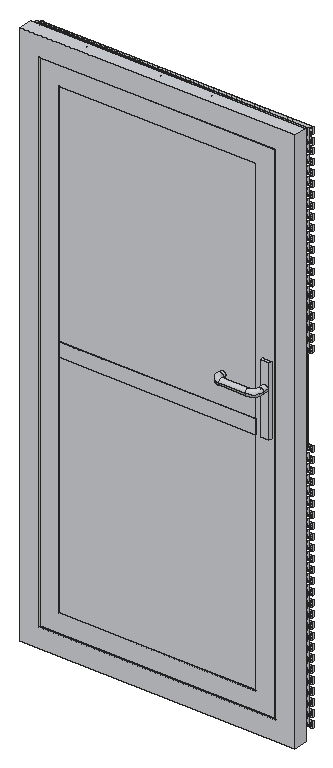
Revit family "NLRS_31_DO_WB_HF40-25 enkele deur-AV_jazo_jazo", category Doors, host Wall, Revit 2020 (continued)
Definition of nested family "NLRS_31_GM_UN_HF40-45 start schoep-AV"
  Forms (mm)
    Extrusion 1, solid, material <- "NLRS_C_materiaal", visible <- "NLRS_C_zichtbaar_01"
      sketch origin (0, -15, 0) x (0, -1, 0) y (0, 0, -1)
        loop
          line (-28.6, -40.249) -> (-28.6, -56.566)
      from -1246 to 1246
  Dimensions and locks
    equal spacing: plane 5 "Left", plane 3 "Center (Left/Right)", plane 6 "Right"
    "NLRS_C_breedte": plane 5 "Left" to plane 6 "Right"
    "NLRS_C_stelruimte_01": plane 5 "Left" to plane 7 "schoep l"
    "NLRS_C_stelruimte_01": plane 8 "schoep r" to plane 6 "Right"
    locked: plane 9 "onderkant schoep" to plane 11 "voorkant kozijn" at 11
    aligned and locked: level to plane 2 "Bottom"
    aligned and locked: plane 8 "schoep r" to Extrusion 1
    aligned and locked: Extrusion 1 to plane 7 "schoep l"
  Automatic sketch dimensions
    Extrusion 1 sketch curve to plane 1 "Center (Front/Back)" = 15 mm  (x2)
    Extrusion 1 sketch curve to Extrusion 1 sketch curve = 0.741 mm  (x4)
    level to Extrusion 1 sketch curve = 2.209 mm
    Extrusion 1 sketch curve to plane 4 "Top" = 7.841 mm
    Extrusion 1 sketch curve to Extrusion 1 sketch curve = 1 mm  (x5)
    Extrusion 1 sketch curve to Extrusion 1 sketch curve = 0.259 mm  (x11)
    Extrusion 1 sketch curve to Extrusion 1 sketch curve = 0.4 mm
    Extrusion 1 sketch curve to Extrusion 1 sketch curve = 0.8 mm  (x2)
    Extrusion 1 sketch curve to plane 4 "Top" = 8.915 mm
    Extrusion 1 sketch curve to Extrusion 1 sketch curve = 1.141 mm  (x2)
    Extrusion 1 sketch curve to Extrusion 1 sketch curve = 2 mm
    Extrusion 1 sketch curve to Extrusion 1 sketch curve = 5.903 mm
    level to Extrusion 1 sketch curve = 0.031 mm
    Extrusion 1 sketch curve to plane 1 "Center (Front/Back)" = 6.129 mm
    Extrusion 1 sketch curve to Extrusion 1 sketch curve = 0.99 mm
    Extrusion 1 sketch curve to Extrusion 1 sketch curve = 0.233 mm  (x2)
    Extrusion 1 sketch curve to Extrusion 1 sketch curve = 0.966 mm  (x2)
    level to Extrusion 1 sketch curve = 1.769 mm
    Extrusion 1 sketch curve to plane 1 "Center (Front/Back)" = 2.954 mm
    Extrusion 1 sketch curve to Extrusion 1 sketch curve = 0.707 mm  (x2)
    Extrusion 1 sketch curve to Extrusion 1 sketch curve = 0.177 mm  (x2)
    Extrusion 1 sketch curve to Extrusion 1 sketch curve = 0.884 mm  (x2)
    Extrusion 1 sketch curve to plane 1 "Center (Front/Back)" = 0.845 mm
    plane 1 "Center (Front/Back)" to Extrusion 1 sketch curve = 6.941 mm
    plane 1 "Center (Front/Back)" to Extrusion 1 sketch curve = 7.341 mm
    Extrusion 1 sketch curve to Extrusion 1 sketch curve = 0.659 mm
    plane 1 "Center (Front/Back)" to Extrusion 1 sketch curve = 8.195 mm
    Extrusion 1 sketch curve to plane 4 "Top" = 1.716 mm
    Extrusion 1 sketch curve to Extrusion 1 sketch curve = 1.259 mm
    Extrusion 1 sketch curve to Extrusion 1 sketch curve = 0.902 mm
    Extrusion 1 sketch curve to Extrusion 1 sketch curve = 0.7 mm
    Extrusion 1 sketch curve to Extrusion 1 sketch curve = 0 mm
    Extrusion 1 sketch curve to Extrusion 1 sketch curve = 3.2 mm  (x2)
    Extrusion 1 sketch curve to Extrusion 1 sketch curve = 1.8 mm  (x2)
    Extrusion 1 sketch curve to plane 4 "Top" = 0.7 mm
    Extrusion 1 sketch curve to Extrusion 1 sketch curve = 1.787 mm
    Extrusion 1 sketch curve to Extrusion 1 sketch curve = 8.824 mm
    Extrusion 1 sketch curve to Extrusion 1 sketch curve = 1.695 mm
    Extrusion 1 sketch curve to Extrusion 1 sketch curve = 1.012 mm
    Extrusion 1 sketch curve to Extrusion 1 sketch curve = 8.525 mm
    Extrusion 1 sketch curve to Extrusion 1 sketch curve = 10.255 mm
    Extrusion 1 sketch curve to Extrusion 1 sketch curve = 0.108 mm
    Extrusion 1 sketch curve to Extrusion 1 sketch curve = 1.582 mm
    Extrusion 1 sketch curve to Extrusion 1 sketch curve = 1.456 mm
    Extrusion 1 sketch curve to Extrusion 1 sketch curve = 5.649 mm
    Extrusion 1 sketch curve to Extrusion 1 sketch curve = 1.865 mm
    Extrusion 1 sketch curve to Extrusion 1 sketch curve = 0.553 mm
    Extrusion 1 sketch curve to Extrusion 1 sketch curve = 0.79 mm
    Extrusion 1 sketch curve to Extrusion 1 sketch curve = 15.603 mm
    Extrusion 1 sketch curve to Extrusion 1 sketch curve = 0.614 mm  (x2)
    Extrusion 1 sketch curve to Extrusion 1 sketch curve = 7.719 mm
    Extrusion 1 sketch curve to Extrusion 1 sketch curve = 0.9 mm
Definition of nested family "NLRS_31_GM_UN_HF40-45 schoep-AV"
  Parameters (values of type "HF40-45 schoep")
    URL = "www.jazo.com"
    NLRS_C_zichtbaar_01 = yes
    NLRS_C_stelruimte_01 = 4 mm  # constant formula
    NLRS_C_materiaal = none
    NLRS_C_breedte [instance] = 2500 mm
    Model = ""
    Manufacturer = "JAZO Zevenaar bv"
    Description = "HF40-45 schoep"
    Default Elevation = 0 mm
    Assembly Code = "23.30.60.11.17.11"
  Reference planes
    plane 1 "Center (Front/Back)": y = 0
    plane 2 "Bottom": z = 0
    plane 3 "Center (Left/Right)": x = 0
    plane 4 "Top": z = 43.347
    plane 5 "Left": x = -1250
    plane 6 "Right": x = 1250
    plane 7 "schoep l": x = -1246
    plane 8 "schoep r": x = 1246
    plane 9 "achterkant schoep": y = -15
    plane 10 "voorkant schoep": y = 15
    plane 11 "voorkant kozijn": y = -26
  Forms (mm)
    Extrusion 1, solid, material <- "NLRS_C_materiaal", visible <- "NLRS_C_zichtbaar_01"
      sketch origin (0, -15, 0) x (0, -1, 0) y (0, 0, -1)
        loop
          line (-5, -37.344) -> (0, -37.344) -> (0, -32.344) -> (-1.8, -32.344) -> (-1.8, -35.544) -> (-5, -35.544) -> (-5, -24.041)
          arc (-5, -24.041) -> (-5.9, -23.344) -> (-6.8, -24.041) r 0.93
          line (-6.8, -24.041) -> (-6.8, -24.831) -> (-28.2, -19.097) -> (-28.2, -11.378) -> (-26.2, -11.378)
          arc (-26.2, -11.378) -> (-25.3, -10.478) -> (-26.2, -9.578) r 0.9
          line (-26.2, -9.578) -> (-28.2, -9.578) -> (-28.2, -1.794)
          arc (-28.2, -1.794) -> (-27.199, -0.834) -> (-28.329, -0.031) r 0.9
          line (-28.329, -0.031) -> (-29.259, -0.28)
          arc (-29.259, -0.28) -> (-29.793, -0.637) -> (-30, -1.246) r 1
          line (-30, -1.246) -> (-30, -19.711)
          arc (-30, -19.711) -> (-29.793, -20.32) -> (-29.259, -20.677) r 1
          line (-29.259, -20.677) -> (-6.8, -26.695) -> (-6.8, -41.305) -> (-8.171, -40.937)
          arc (-8.171, -40.937) -> (-9.273, -41.574) -> (-8.637, -42.676) r 0.9
          line (-8.637, -42.676) -> (-6.259, -43.313)
          arc (-6.259, -43.313) -> (-5.391, -43.141) -> (-5, -42.347) r 1
          line (-5, -42.347) -> (-5, -37.344)
      from -1246 to 1246
  Dimensions and locks
    equal spacing: plane 5 "Left", plane 3 "Center (Left/Right)", plane 6 "Right"
    "NLRS_C_breedte": plane 5 "Left" to plane 6 "Right"
    "NLRS_C_stelruimte_01": plane 5 "Left" to plane 7 "schoep l"
    "NLRS_C_stelruimte_01": plane 8 "schoep r" to plane 6 "Right"
    locked: plane 9 "achterkant schoep" to plane 11 "voorkant kozijn" at 11
    aligned and locked: level to plane 2 "Bottom"
    aligned and locked: plane 8 "schoep r" to Extrusion 1
    aligned and locked: Extrusion 1 to plane 7 "schoep l"
  Automatic sketch dimensions
    plane 11 "voorkant kozijn" to Extrusion 1 sketch curve = 41 mm
    level to Extrusion 1 sketch curve = 0.28 mm
    Extrusion 1 sketch curve to Extrusion 1 sketch curve = 0.741 mm  (x2)
    Extrusion 1 sketch curve to Extrusion 1 sketch curve = 0.259 mm  (x2)
    Extrusion 1 sketch curve to Extrusion 1 sketch curve = 1 mm  (x2)
    level to Extrusion 1 sketch curve = 0.031 mm
    Extrusion 1 sketch curve to Extrusion 1 sketch curve = 0.929 mm
    Extrusion 1 sketch curve to Extrusion 1 sketch curve = 0.8 mm
    Extrusion 1 sketch curve to Extrusion 1 sketch curve = 0 mm  (x2)
    Extrusion 1 sketch curve to Extrusion 1 sketch curve = 0.104 mm
    Extrusion 1 sketch curve to Extrusion 1 sketch curve = 2 mm
    Extrusion 1 sketch curve to plane 4 "Top" = 0.671 mm
    plane 11 "voorkant kozijn" to Extrusion 1 sketch curve = 19.637 mm
    Extrusion 1 sketch curve to Extrusion 1 sketch curve = 0.233 mm  (x2)
    Extrusion 1 sketch curve to plane 4 "Top" = 2.41 mm
    Extrusion 1 sketch curve to Extrusion 1 sketch curve = 1.371 mm
    Extrusion 1 sketch curve to plane 4 "Top" = 0.034 mm
    Extrusion 1 sketch curve to Extrusion 1 sketch curve = 0.541 mm
    Extrusion 1 sketch curve to Extrusion 1 sketch curve = 0.9 mm  (x3)
    Extrusion 1 sketch curve to Extrusion 1 sketch curve = 3.2 mm  (x2)
    Extrusion 1 sketch curve to Extrusion 1 sketch curve = 1.8 mm  (x2)
    Extrusion 1 sketch curve to Extrusion 1 sketch curve = 1.043 mm
    Extrusion 1 sketch curve to Extrusion 1 sketch curve = 5.004 mm
    Extrusion 1 sketch curve to Extrusion 1 sketch curve = 5.649 mm
    Extrusion 1 sketch curve to Extrusion 1 sketch curve = 1.863 mm
    Extrusion 1 sketch curve to Extrusion 1 sketch curve = 0.557 mm
    Extrusion 1 sketch curve to Extrusion 1 sketch curve = 0.79 mm
    Extrusion 1 sketch curve to Extrusion 1 sketch curve = 19.431 mm
    Extrusion 1 sketch curve to Extrusion 1 sketch curve = 0.614 mm
    Extrusion 1 sketch curve to Extrusion 1 sketch curve = 7.719 mm
    Extrusion 1 sketch curve to Extrusion 1 sketch curve = 0.548 mm
Definition of nested family "NLRS_31_GM_UN_HF40-45 scharnier schoep-AV"
  Parameters (values of type "HF40-45 scharnier schoep")
    URL = "www.jazo.com"
    NLRS_C_zichtbaar_01 = yes
    NLRS_C_stelruimte_01 = 4 mm  # constant formula
    NLRS_C_materiaal = none
    NLRS_C_breedte_01 = 40 mm  # constant formula
    NLRS_C_breedte [instance] = 2500 mm
    Model = ""
    Manufacturer = "JAZO Zevenaar bv"
    Description = "HF40-45 scharnier schoep"
    Default Elevation = 0 mm
    Assembly Code = "23.30.60.11.17.11"
  Reference planes
    plane 1 "Center (Front/Back)": y = 0
    plane 2 "Bottom": z = 0
    plane 3 "Center (Left/Right)": x = 0
    plane 4 "Top": z = 43.347
    plane 5 "scharnier": x = -1206
    plane 6 "Left": x = -1250
    plane 7 "Right": x = 1250
    plane 8 "schoep l": x = -1246
    plane 9 "schoep r": x = 1246
    plane 10 "achterkant schoep": y = -15
    plane 11 "voorkant schoep": y = 15
    plane 12 "voorkant kozijn": y = -26
  Forms (mm)
    Extrusion 1, solid, material <- "NLRS_C_materiaal", visible <- "NLRS_C_zichtbaar_01"
      sketch origin (0, -15, 0) x (0, -1, 0) y (0, 0, -1)
        loop
          line (-5, -37.344) -> (0, -37.344) -> (0, -32.344) -> (-1.8, -32.344) -> (-1.8, -35.544) -> (-5, -35.544) -> (-5, -24.041)
          arc (-5, -24.041) -> (-5.9, -23.344) -> (-6.8, -24.041) r 0.93
          line (-6.8, -24.041) -> (-6.8, -24.831) -> (-28.2, -19.097) -> (-28.2, -11.378) -> (-26.2, -11.378)
          arc (-26.2, -11.378) -> (-25.3, -10.478) -> (-26.2, -9.578) r 0.9
          line (-26.2, -9.578) -> (-28.2, -9.578) -> (-28.2, -1.794)
          arc (-28.2, -1.794) -> (-27.199, -0.834) -> (-28.329, -0.031) r 0.9
          line (-28.329, -0.031) -> (-29.259, -0.28)
          arc (-29.259, -0.28) -> (-29.793, -0.637) -> (-30, -1.246) r 1
          line (-30, -1.246) -> (-30, -19.711)
          arc (-30, -19.711) -> (-29.793, -20.32) -> (-29.259, -20.677) r 1
          line (-29.259, -20.677) -> (-6.8, -26.695) -> (-6.8, -41.305) -> (-8.171, -40.937)
          arc (-8.171, -40.937) -> (-9.273, -41.574) -> (-8.637, -42.676) r 0.9
          line (-8.637, -42.676) -> (-6.259, -43.313)
          arc (-6.259, -43.313) -> (-5.391, -43.141) -> (-5, -42.347) r 1
          line (-5, -42.347) -> (-5, -37.344)
      from -1206 to 1246
  Dimensions and locks
    equal spacing: plane 6 "Left", plane 3 "Center (Left/Right)", plane 7 "Right"
    "NLRS_C_breedte_01": plane 8 "schoep l" to plane 5 "scharnier"
    "NLRS_C_stelruimte_01": plane 9 "schoep r" to plane 7 "Right"
    "NLRS_C_stelruimte_01": plane 6 "Left" to plane 8 "schoep l"
    "NLRS_C_breedte": plane 6 "Left" to plane 7 "Right"
    locked: plane 10 "achterkant schoep" to plane 12 "voorkant kozijn" at 11
    aligned and locked: level to plane 2 "Bottom"
    aligned and locked: plane 9 "schoep r" to Extrusion 1
    aligned and locked: plane 5 "scharnier" to Extrusion 1
  Automatic sketch dimensions
    level to Extrusion 1 sketch curve = 1.246 mm
    plane 10 "achterkant schoep" to Extrusion 1 sketch curve = 30 mm
    Extrusion 1 sketch curve to Extrusion 1 sketch curve = 0.741 mm  (x2)
    level to Extrusion 1 sketch curve = 0.28 mm
    Extrusion 1 sketch curve to Extrusion 1 sketch curve = 1 mm  (x2)
    level to Extrusion 1 sketch curve = 0.031 mm
    Extrusion 1 sketch curve to Extrusion 1 sketch curve = 0.929 mm
    Extrusion 1 sketch curve to Extrusion 1 sketch curve = 0.8 mm  (x2)
    Extrusion 1 sketch curve to Extrusion 1 sketch curve = 0.104 mm
    plane 10 "achterkant schoep" to Extrusion 1 sketch curve = 26.2 mm
    plane 12 "voorkant kozijn" to Extrusion 1 sketch curve = 19.637 mm
    Extrusion 1 sketch curve to Extrusion 1 sketch curve = 0.233 mm  (x3)
    plane 12 "voorkant kozijn" to Extrusion 1 sketch curve = 17.8 mm
    Extrusion 1 sketch curve to Extrusion 1 sketch curve = 0 mm
    Extrusion 1 sketch curve to Extrusion 1 sketch curve = 0.541 mm
    Extrusion 1 sketch curve to Extrusion 1 sketch curve = 0.259 mm
    Extrusion 1 sketch curve to Extrusion 1 sketch curve = 0.9 mm  (x3)
    Extrusion 1 sketch curve to Extrusion 1 sketch curve = 3.2 mm  (x2)
    Extrusion 1 sketch curve to Extrusion 1 sketch curve = 1.8 mm  (x2)
    Extrusion 1 sketch curve to plane 4 "Top" = 0.034 mm
    Extrusion 1 sketch curve to Extrusion 1 sketch curve = 0.637 mm
    Extrusion 1 sketch curve to Extrusion 1 sketch curve = 0.869 mm
    Extrusion 1 sketch curve to Extrusion 1 sketch curve = 1.043 mm
    Extrusion 1 sketch curve to Extrusion 1 sketch curve = 3.961 mm
    Extrusion 1 sketch curve to Extrusion 1 sketch curve = 5.649 mm
    Extrusion 1 sketch curve to Extrusion 1 sketch curve = 1.863 mm
    Extrusion 1 sketch curve to Extrusion 1 sketch curve = 0.557 mm
    Extrusion 1 sketch curve to Extrusion 1 sketch curve = 0.614 mm
    Extrusion 1 sketch curve to Extrusion 1 sketch curve = 7.719 mm
    Extrusion 1 sketch curve to Extrusion 1 sketch curve = 0.548 mm
    Extrusion 1 sketch curve to Extrusion 1 sketch curve = 18.883 mm
Definition of nested family "NLRS_31_GM_UN_HF40-45 beslag schoep-AV"
  Parameters (values of type "HF40-45 beslag schoep")
    URL = "www.jazo.com"
    NLRS_C_zichtbaar_01 = yes
    NLRS_C_stelruimte_01 = 4 mm  # constant formula
    NLRS_C_materiaal = none
    NLRS_C_breedte_01 = 275 mm  # constant formula
    NLRS_C_breedte [instance] = 2500 mm
    Model = ""
    Manufacturer = "JAZO Zevenaar bv"
    Description = "HF40-45 beslag schoep"
    Default Elevation = 0 mm
    Assembly Code = "23.30.60.11.17.11"
  Reference planes
    plane 1 "Center (Front/Back)": y = 0
    plane 2 "Bottom": z = 0
    plane 3 "Center (Left/Right)": x = 0
    plane 4 "Top": z = 43.347
    plane 5 "beslag": x = 971
    plane 6 "Left": x = -1250
    plane 7 "Right": x = 1250
    plane 8 "schoep l": x = -1246
    plane 9 "schoep r": x = 1246
    plane 10 "achterkant schoep": y = -15
    plane 11 "voorkant schoep": y = 15
    plane 12 "voorkant kozijn": y = -26
  Forms (mm)
    Extrusion 1, solid, material <- "NLRS_C_materiaal", visible <- "NLRS_C_zichtbaar_01"
      sketch origin (0, -15, 0) x (0, -1, 0) y (0, 0, -1)
        loop
          line (-5, -37.344) -> (0, -37.344) -> (0, -32.344) -> (-1.8, -32.344) -> (-1.8, -35.544) -> (-5, -35.544) -> (-5, -24.041)
          arc (-5, -24.041) -> (-5.9, -23.344) -> (-6.8, -24.041) r 0.93
          line (-6.8, -24.041) -> (-6.8, -24.831) -> (-28.2, -19.097) -> (-28.2, -11.378) -> (-26.2, -11.378)
          arc (-26.2, -11.378) -> (-25.3, -10.478) -> (-26.2, -9.578) r 0.9
          line (-26.2, -9.578) -> (-28.2, -9.578) -> (-28.2, -1.794)
          arc (-28.2, -1.794) -> (-27.199, -0.834) -> (-28.329, -0.031) r 0.9
          line (-28.329, -0.031) -> (-29.259, -0.28)
          arc (-29.259, -0.28) -> (-29.793, -0.637) -> (-30, -1.246) r 1
          line (-30, -1.246) -> (-30, -19.711)
          arc (-30, -19.711) -> (-29.793, -20.32) -> (-29.259, -20.677) r 1
          line (-29.259, -20.677) -> (-6.8, -26.695) -> (-6.8, -41.305) -> (-8.171, -40.937)
          arc (-8.171, -40.937) -> (-9.273, -41.574) -> (-8.637, -42.676) r 0.9
          line (-8.637, -42.676) -> (-6.259, -43.313)
          arc (-6.259, -43.313) -> (-5.391, -43.141) -> (-5, -42.347) r 1
          line (-5, -42.347) -> (-5, -37.344)
      from -1246 to 971
  Dimensions and locks
    equal spacing: plane 6 "Left", plane 3 "Center (Left/Right)", plane 7 "Right"
    "NLRS_C_breedte": plane 6 "Left" to plane 7 "Right"
    "NLRS_C_breedte_01": plane 5 "beslag" to plane 9 "schoep r"
    "NLRS_C_stelruimte_01": plane 6 "Left" to plane 8 "schoep l"
    "NLRS_C_stelruimte_01": plane 9 "schoep r" to plane 7 "Right"
    locked: plane 10 "achterkant schoep" to plane 12 "voorkant kozijn" at 11
    aligned and locked: level to plane 2 "Bottom"
    aligned and locked: Extrusion 1 to plane 5 "beslag"
    aligned and locked: Extrusion 1 to plane 8 "schoep l"
  Automatic sketch dimensions
    plane 12 "voorkant kozijn" to Extrusion 1 sketch curve = 41 mm
    level to Extrusion 1 sketch curve = 0.28 mm
    Extrusion 1 sketch curve to Extrusion 1 sketch curve = 0.741 mm  (x2)
    level to Extrusion 1 sketch curve = 1.246 mm
    Extrusion 1 sketch curve to Extrusion 1 sketch curve = 1 mm
    level to Extrusion 1 sketch curve = 0.031 mm
    Extrusion 1 sketch curve to Extrusion 1 sketch curve = 0.929 mm
    Extrusion 1 sketch curve to Extrusion 1 sketch curve = 0.8 mm
    Extrusion 1 sketch curve to Extrusion 1 sketch curve = 0 mm  (x3)
    Extrusion 1 sketch curve to Extrusion 1 sketch curve = 0.104 mm
    Extrusion 1 sketch curve to Extrusion 1 sketch curve = 2 mm
    Extrusion 1 sketch curve to plane 4 "Top" = 0.671 mm
    Extrusion 1 sketch curve to Extrusion 1 sketch curve = 20.622 mm
    Extrusion 1 sketch curve to Extrusion 1 sketch curve = 0.233 mm  (x2)
    Extrusion 1 sketch curve to plane 4 "Top" = 0.034 mm
    Extrusion 1 sketch curve to Extrusion 1 sketch curve = 2.378 mm
    Extrusion 1 sketch curve to Extrusion 1 sketch curve = 0.259 mm
    Extrusion 1 sketch curve to Extrusion 1 sketch curve = 0.9 mm  (x3)
    Extrusion 1 sketch curve to Extrusion 1 sketch curve = 3.2 mm  (x2)
    Extrusion 1 sketch curve to Extrusion 1 sketch curve = 1.8 mm  (x2)
    Extrusion 1 sketch curve to Extrusion 1 sketch curve = 0.869 mm
    Extrusion 1 sketch curve to Extrusion 1 sketch curve = 5.004 mm
    Extrusion 1 sketch curve to Extrusion 1 sketch curve = 7.512 mm
    Extrusion 1 sketch curve to Extrusion 1 sketch curve = 0.557 mm
    Extrusion 1 sketch curve to Extrusion 1 sketch curve = 0.79 mm
    Extrusion 1 sketch curve to Extrusion 1 sketch curve = 19.431 mm
    Extrusion 1 sketch curve to Extrusion 1 sketch curve = 0.614 mm
    Extrusion 1 sketch curve to Extrusion 1 sketch curve = 7.719 mm
    Extrusion 1 sketch curve to Extrusion 1 sketch curve = 0.548 mm
    Extrusion 1 sketch curve to plane 4 "Top" = 2.043 mm
    Extrusion 1 sketch curve to Extrusion 1 sketch curve = 1.371 mm
    Extrusion 1 sketch curve to Extrusion 1 sketch curve = 1.863 mm
Definition of nested family "NLRS_31_GM_UN_beslagbak HF40-25-AV"
  Parameters (values of type "beslagbak HF40-25")
    URL = "www.jazo.com"
    NLRS_C_diepte_01 = 50 mm
    NLRS_C_afstand = if(JAZO_C_enkele deur, 95 mm, if(JAZO_C_dubbele deur, 48 mm, 48 mm))  # 95 mm
    Model = ""
    Manufacturer = "JAZO Zevenaar bv"
    JAZO_C_opbouwrooster HF40 25 = yes
    JAZO_C_materiaal schoep = none
    JAZO_C_materiaal beslag = none
    JAZO_C_enkele deur = yes
    JAZO_C_dubbele deur = no
    Description = "beslagbak HF40-25"
    Default Elevation = 0 mm
    Assembly Code = "23.30.40.31"
  Reference planes
    plane 1 "Center (Front/Back)": y = 0
    plane 2 "Bottom": z = 0
    plane 3 "Center (Left/Right)": x = 0
    plane 4 "Tussen": x = -179.999
    plane 5 "Right": x = 95
    plane 6 "Left": x = -240
    plane 7 "center hs27r": z = 220
    plane 8 "knop-kruk": x = 0
    plane 9 "stelruimte belsagbak": x = 99
    plane 10 "voorkant kozijn": y = -11
  Dimensions and locks
    plane 4 "Tussen" to plane 3 "Center (Left/Right)" = 179.999 mm
    plane 3 "Center (Left/Right)" to plane 5 "Right" = 95 mm
    plane 4 "Tussen" to plane 5 "Right" = 274.999 mm
    plane 6 "Left" to plane 4 "Tussen" = 60.001 mm
    "NLRS_C_afstand": plane 5 "Right" to plane 8 "knop-kruk"
    locked: plane 5 "Right" to plane 9 "stelruimte belsagbak" at 4
    locked: plane 10 "voorkant kozijn" to plane 1 "Center (Front/Back)" at 11
    aligned and locked: level to plane 2 "Bottom"
    aligned and locked: plane 7 "center hs27r" to nested 1
    aligned and locked: plane 8 "knop-kruk" to nested 1
    aligned and locked: plane 5 "Right" to nested 2
    aligned and locked: nested 2 to plane 1 "Center (Front/Back)"
  Nested families
    nested 1: "NLRS_31_GM_UN_beslag opbouwrooster-AV" at (0, -11, 57), visible <- "JAZO_C_opbouwrooster HF40 25", type "beslag opbouwrooster"
    nested 2: "NLRS_31_GM_UN_beslagbak los HF40-25-AV" at (0, 15, 0), type "beslagbak HF40-25"
  Definition of nested family "NLRS_31_GM_UN_beslag opbouwrooster-AV"
    Parameters (values of type "beslag opbouwrooster")
      URL = "www.jazo.com"
      NLRS_C_materiaal = none
      NLRS_C_diepte_01 = 50 mm
      Model = ""
      Manufacturer = "Jazo Zevenaar bv"
      Description = "Beslag opbouwrooster"
      Default Elevation = 0 mm
      Assembly Code = "23.30.40.31"
    Reference planes
      plane 1 "Center (Front/Back)": y = 0
      plane 2 "Bottom": z = 0
      plane 3 "Center (Left/Right)": x = 0
      plane 4 "kruk": z = 163
      plane 5 "cilinder": z = 71.5
      plane 6 "achterkant kozijn": y = -50
      plane 7 "start beslag": y = 15
    Forms (mm)
      Extrusion 1, solid, material <- "NLRS_C_materiaal"
        sketch origin (0, 37, 0) x (1, 0, 0) y (0, 1, 0)
          loop
            line (-16, -10) -> (-16, -22) -> (16, -22) -> (16, -10) -> (-16, -10)
        from 0 to 251
      Extrusion 2, solid, material <- "NLRS_C_materiaal"
        sketch origin (0, 0, 0) x (1, 0, 0) y (0, 0, -1)
          loop
            circle (0, -163) r 11
        from 27 to 57
      Extrusion 3, solid, material <- "NLRS_C_materiaal"
        sketch origin (0, 0, 0) x (1, 0, 0) y (0, 0, -1)
          loop
            circle (0, -163) r 25
        from 57 to 73
      Sweep 4, solid, material <- "NLRS_C_materiaal"
        path origin (0, -4, 0) x (1, 0, 0) y (0, 1, 0)
          loop
            line (0, -58) -> (0, -80)
            arc (0, -80) -> (-7.249, -97.5) -> (-24.749, -104.749) r 24.749
            line (-24.749, -104.749) -> (-120.749, -104.749)
            arc (-120.749, -104.749) -> (-138.249, -97.5) -> (-145.497, -80) r 24.749
            line (-145.497, -80) -> (-145.497, -69)
        profile origin (0, -73, 0) x (1, 0, 0) y (0, 0, 1)
          loop
            circle (0, 163) r 11
      Extrusion 5, solid, material <- "NLRS_C_materiaal"
        sketch origin (0, -37, 0) x (1, 0, 0) y (0, 1, 0)
          loop
            line (-16, -25) -> (16, -25) -> (16, -13) -> (-16, -13) -> (-16, -25)
        from 0 to 251
    Dimensions and locks
      locked: plane 4 "kruk" to plane 2 "Bottom" at 163
      locked: plane 5 "cilinder" to plane 2 "Bottom" at 71.5
      locked: plane 7 "start beslag" to Extrusion 2 at 12
      locked: plane 7 "start beslag" to Extrusion 3 at 42
      locked: Extrusion 3 to plane 7 "start beslag" at 58
      locked: plane 1 "Center (Front/Back)" to plane 7 "start beslag" at 15
      "NLRS_C_diepte_01": plane 6 "achterkant kozijn" to plane 1 "Center (Front/Back)"
      aligned and locked: level to plane 2 "Bottom"
      aligned and locked: Extrusion 1 to plane 7 "start beslag"
      aligned and locked: Extrusion 2 to Extrusion 3
      aligned and locked: Extrusion 2 to Extrusion 1
    Automatic sketch dimensions
      Extrusion 1 sketch curve to plane 7 "start beslag" = 0 mm
      Extrusion 1 sketch curve to plane 3 "Center (Left/Right)" = 16 mm
      plane 3 "Center (Left/Right)" to Extrusion 1 sketch curve = 16 mm
      plane 7 "start beslag" to Extrusion 1 sketch curve = 12 mm
      Extrusion 2 sketch curve to plane 3 "Center (Left/Right)" = 0 mm
      Extrusion 2 sketch curve to plane 4 "kruk" = 0 mm
      Extrusion 3 sketch curve to plane 3 "Center (Left/Right)" = 0 mm
      Extrusion 3 sketch curve to plane 4 "kruk" = 0 mm
      Sweep 4 sketch curve to plane 3 "Center (Left/Right)" = 0 mm
      Sweep 4 sketch curve to plane 3 "Center (Left/Right)" = 24.749 mm
      Sweep 4 sketch curve to plane 6 "achterkant kozijn" = 58.749 mm
      Sweep 4 sketch curve to Sweep 4 sketch curve = 96 mm
      Sweep 4 sketch curve to Sweep 4 sketch curve = 24.749 mm
      Sweep 4 sketch curve to Sweep 4 sketch curve = 11 mm
      Sweep 4 sketch curve to plane 6 "achterkant kozijn" = 12 mm
      profile plane to Sweep 4 sketch curve = 0 mm
      profile plane to Sweep 4 sketch curve = 163 mm
      Extrusion 5 sketch curve to plane 6 "achterkant kozijn" = 0 mm
      Extrusion 5 sketch curve to plane 3 "Center (Left/Right)" = 16 mm
      plane 3 "Center (Left/Right)" to Extrusion 5 sketch curve = 16 mm
      Extrusion 5 sketch curve to Extrusion 5 sketch curve = 12 mm
      radius of Extrusion 2 sketch curve = 11 mm
      radius of Extrusion 3 sketch curve = 25 mm
      radius of Sweep 4 sketch curve = 11 mm
  Definition of nested family "NLRS_31_GM_UN_beslagbak los HF40-25-AV"
    Parameters (values of type "beslagbak HF40-25")
      URL = "www.jazo.com"
      NLRS_C_materiaal = none
      Model = ""
      Manufacturer = "JAZO Zevenaar bv"
      Description = "Beslagbak HF40-25"
      Default Elevation = 0 mm
      Assembly Code = "23.30.40.31"
    Reference planes
      plane 1 "Center (Front/Back)": y = 0
      plane 2 "Bottom": z = 0
      plane 3 "Center (Left/Right)": x = 0
      plane 4 "Tussen": x = -179.999
      plane 5 "Right": x = 95
      plane 6 "Left": x = -240
      plane 7 "mid": x = -211.999
      plane 8 "bevestiging": y = -15
    Forms (mm)
      Extrusion 1, solid, material <- "NLRS_C_materiaal"
        sketch origin (0, -15, 0) x (0, 1, 0) y (0, 0, 1)
          loop
            line (4, 29.374) -> (4, 331.984) -> (8.171, 330.867)
            arc (8.171, 330.867) -> (9.273, 331.503) -> (8.637, 332.605) r 0.9
            line (8.637, 332.605) -> (3.057, 334.101)
            arc (3.057, 334.101) -> (2.216, 333.948) -> (1.8, 333.203) r 1
            line (1.8, 333.203) -> (1.8, 28.1) -> (28.2, 21.026) -> (28.2, 13.308) -> (26.2, 13.308)
            arc (26.2, 13.308) -> (25.3, 12.408) -> (26.2, 11.508) r 0.9
            line (26.2, 11.508) -> (28.2, 11.508) -> (28.2, 3.723)
            arc (28.2, 3.723) -> (27.199, 2.763) -> (28.329, 1.96) r 0.9
            line (28.329, 1.96) -> (29.259, 2.209)
            arc (29.259, 2.209) -> (29.793, 2.566) -> (30, 3.175) r 1
            line (30, 3.175) -> (30, 21.64)
            arc (30, 21.64) -> (29.793, 22.249) -> (29.259, 22.606) r 1
            line (29.259, 22.606) -> (4, 29.374)
        from 95 to -179.999
      Extrusion 2, solid, material <- "NLRS_C_materiaal"
        sketch origin (0, -13.2, 0) x (1, 0, 0) y (0, 1, 0)
          loop
            line (-240, 0) -> (-240, -9)
            arc (-240, -9) -> (-239.414, -10.414) -> (-238, -11) r 2
            line (-238, -11) -> (-212, -11)
            arc (-212, -11) -> (-210.586, -10.414) -> (-210, -9) r 2
            line (-210, -9) -> (-210, -2.014)
            arc (-210, -2.014) -> (-209.41, -0.59) -> (-207.986, 0) r 2.014
            line (-207.986, 0) -> (-179.999, 0) -> (-179.999, 2.2) -> (-207.786, 2.2)
            arc (-207.786, 2.2) -> (-210.766, 0.966) -> (-212, -2.014) r 4.214
            line (-212, -2.014) -> (-212, -9) -> (-238, -9) -> (-238, 0) -> (-240, 0)
        from 331.984 to 29.374
      Extrusion 3, void
        sketch origin (0, 0, 0) x (0, 1, 0) y (0, 0, 1)
          loop
            line (-15.5, 327.773) -> (-15.5, 321.773) -> (-13.2, 321.773) -> (-13.2, 324.973) -> (-10, 324.973) -> (-10, 327.773) -> (-15.5, 327.773)
        from -179.499 to -240
      Extrusion 4, void
        sketch origin (0, 0, -36) x (0, 1, 0) y (0, 0, 1)
          loop
            line (-15.5, 327.773) -> (-15.5, 321.773) -> (-13.2, 321.773) -> (-13.2, 324.973) -> (-10, 324.973) -> (-10, 327.773) -> (-15.5, 327.773)
        from -179.499 to -240
      Extrusion 5, void
        sketch origin (0, 0, -72) x (0, 1, 0) y (0, 0, 1)
          loop
            line (-15.5, 327.773) -> (-15.5, 321.773) -> (-13.2, 321.773) -> (-13.2, 324.973) -> (-10, 324.973) -> (-10, 327.773) -> (-15.5, 327.773)
        from -179.499 to -240
      Extrusion 6, void
        sketch origin (0, 0, -108) x (0, 1, 0) y (0, 0, 1)
          loop
            line (-15.5, 327.773) -> (-15.5, 321.773) -> (-13.2, 321.773) -> (-13.2, 324.973) -> (-10, 324.973) -> (-10, 327.773) -> (-15.5, 327.773)
        from -179.499 to -240
      Extrusion 7, void
        sketch origin (0, 0, -144) x (0, 1, 0) y (0, 0, 1)
          loop
            line (-15.5, 327.773) -> (-15.5, 321.773) -> (-13.2, 321.773) -> (-13.2, 324.973) -> (-10, 324.973) -> (-10, 327.773) -> (-15.5, 327.773)
        from -179.499 to -240
      Extrusion 8, void
        sketch origin (0, 0, -180) x (0, 1, 0) y (0, 0, 1)
          loop
            line (-15.5, 327.773) -> (-15.5, 321.773) -> (-13.2, 321.773) -> (-13.2, 324.973) -> (-10, 324.973) -> (-10, 327.773) -> (-15.5, 327.773)
        from -179.499 to -240
      Extrusion 9, void
        sketch origin (0, 0, -216) x (0, 1, 0) y (0, 0, 1)
          loop
            line (-15.5, 327.773) -> (-15.5, 321.773) -> (-13.2, 321.773) -> (-13.2, 324.973) -> (-10, 324.973) -> (-10, 327.773) -> (-15.5, 327.773)
        from -179.499 to -240
      Extrusion 10, void
        sketch origin (0, 0, -252) x (0, 1, 0) y (0, 0, 1)
          loop
            line (-15.5, 327.773) -> (-15.5, 321.773) -> (-13.2, 321.773) -> (-13.2, 324.973) -> (-10, 324.973) -> (-10, 327.773) -> (-15.5, 327.773)
        from -179.499 to -240
      Extrusion 11, void
        sketch origin (0, 0, -288) x (0, 1, 0) y (0, 0, 1)
          loop
            line (-15.5, 327.773) -> (-15.5, 321.773) -> (-13.2, 321.773) -> (-13.2, 324.973) -> (-10, 324.973) -> (-10, 327.773) -> (-15.5, 327.773)
        from -179.499 to -240
      Extrusion 12, solid, material <- "NLRS_C_materiaal"
        sketch origin (-333, -15, 0) x (0, 1, 0) y (0, 0, 1)
          loop
            line (1.8, 28.1) -> (4.5, 27.377) -> (4.5, 37.473) -> (4.5, 44.277)
            arc (4.5, 44.277) -> (5.087, 45.467) -> (6.388, 45.725) r 1.5
            line (6.388, 45.725) -> (8.766, 45.088)
            arc (8.766, 45.088) -> (9.616, 44.436) -> (9.756, 43.374) r 1.4
            line (9.756, 43.374) -> (27.7, 40.172) -> (27.7, 43.299) -> (27.7, 47.008) -> (26.2, 47.008)
            arc (26.2, 47.008) -> (24.8, 48.408) -> (26.2, 49.808) r 1.4
            line (26.2, 49.808) -> (27.7, 49.808) -> (27.7, 56.643) -> (7.332, 62.1)
            arc (7.332, 62.1) -> (5.998, 60.777) -> (4.5, 61.911) r 1.433
            line (4.5, 61.911) -> (4.5, 80.277)
            arc (4.5, 80.277) -> (5.087, 81.467) -> (6.388, 81.725) r 1.5
            line (6.388, 81.725) -> (8.766, 81.088)
            arc (8.766, 81.088) -> (9.616, 80.436) -> (9.756, 79.374) r 1.4
            line (9.756, 79.374) -> (27.7, 76.172) -> (27.7, 82.015) -> (27.7, 83.008) -> (26.2, 83.008)
            arc (26.2, 83.008) -> (24.8, 84.408) -> (26.2, 85.808) r 1.4
            line (26.2, 85.808) -> (27.7, 85.808) -> (27.7, 92.643) -> (7.332, 98.1)
            arc (7.332, 98.1) -> (5.998, 96.777) -> (4.5, 97.911) r 1.433
            line (4.5, 97.911) -> (4.5, 109.473) -> (4.5, 116.277)
            arc (4.5, 116.277) -> (5.087, 117.467) -> (6.388, 117.725) r 1.5
            line (6.388, 117.725) -> (8.766, 117.088)
            arc (8.766, 117.088) -> (9.616, 116.436) -> (9.756, 115.374) r 1.4
            line (9.756, 115.374) -> (27.7, 112.172) -> (27.7, 118.015) -> (27.7, 119.008) -> (26.2, 119.008)
            arc (26.2, 119.008) -> (24.8, 120.408) -> (26.2, 121.808) r 1.4
            line (26.2, 121.808) -> (27.7, 121.808) -> (27.7, 128.643) -> (7.332, 134.1)
            arc (7.332, 134.1) -> (5.998, 132.777) -> (4.5, 133.911) r 1.433
            line (4.5, 133.911) -> (4.5, 145.473) -> (4.5, 152.277)
            arc (4.5, 152.277) -> (5.087, 153.467) -> (6.388, 153.725) r 1.5
            line (6.388, 153.725) -> (8.766, 153.088)
            arc (8.766, 153.088) -> (9.616, 152.436) -> (9.756, 151.374) r 1.4
            line (9.756, 151.374) -> (27.7, 148.172) -> (27.7, 154.015) -> (27.7, 155.008) -> (26.2, 155.008)
            arc (26.2, 155.008) -> (24.8, 156.408) -> (26.2, 157.808) r 1.4
            line (26.2, 157.808) -> (27.7, 157.808) -> (27.7, 164.643) -> (7.332, 170.1)
            arc (7.332, 170.1) -> (5.998, 168.777) -> (4.5, 169.911) r 1.433
            line (4.5, 169.911) -> (4.5, 181.473) -> (4.5, 188.277)
            arc (4.5, 188.277) -> (5.087, 189.467) -> (6.388, 189.725) r 1.5
            line (6.388, 189.725) -> (8.766, 189.088)
            arc (8.766, 189.088) -> (9.616, 188.436) -> (9.756, 187.374) r 1.4
            line (9.756, 187.374) -> (27.7, 184.172) -> (27.7, 190.015) -> (27.7, 191.008) -> (26.2, 191.008)
            arc (26.2, 191.008) -> (24.8, 192.408) -> (26.2, 193.808) r 1.4
            line (26.2, 193.808) -> (27.7, 193.808) -> (27.7, 200.643) -> (7.332, 206.1)
            arc (7.332, 206.1) -> (5.998, 204.777) -> (4.5, 205.911) r 1.433
            line (4.5, 205.911) -> (4.5, 217.473) -> (4.5, 224.277)
            arc (4.5, 224.277) -> (5.087, 225.467) -> (6.388, 225.725) r 1.5
            line (6.388, 225.725) -> (8.766, 225.088)
            arc (8.766, 225.088) -> (9.616, 224.436) -> (9.756, 223.374) r 1.4
            line (9.756, 223.374) -> (27.7, 220.172) -> (27.7, 226.015) -> (27.7, 227.008) -> (26.2, 227.008)
            arc (26.2, 227.008) -> (24.8, 228.408) -> (26.2, 229.808) r 1.4
            line (26.2, 229.808) -> (27.7, 229.808) -> (27.7, 236.643) -> (7.332, 242.1)
            arc (7.332, 242.1) -> (5.998, 240.777) -> (4.5, 241.911) r 1.433
            line (4.5, 241.911) -> (4.5, 253.473) -> (4.5, 260.277)
            arc (4.5, 260.277) -> (5.087, 261.467) -> (6.388, 261.725) r 1.5
            line (6.388, 261.725) -> (8.766, 261.088)
            arc (8.766, 261.088) -> (9.616, 260.436) -> (9.756, 259.374) r 1.4
            line (9.756, 259.374) -> (27.7, 256.172) -> (27.7, 262.015) -> (27.7, 263.008) -> (26.2, 263.008)
            arc (26.2, 263.008) -> (24.8, 264.408) -> (26.2, 265.808) r 1.4
            line (26.2, 265.808) -> (27.7, 265.808) -> (27.7, 272.643) -> (7.332, 278.1)
            arc (7.332, 278.1) -> (5.998, 276.777) -> (4.5, 277.911) r 1.433
            line (4.5, 277.911) -> (4.5, 289.473) -> (4.5, 296.277)
            arc (4.5, 296.277) -> (5.087, 297.467) -> (6.388, 297.725) r 1.5
            line (6.388, 297.725) -> (8.766, 297.088)
            arc (8.766, 297.088) -> (9.616, 296.436) -> (9.756, 295.374) r 1.4
            line (9.756, 295.374) -> (27.7, 292.172) -> (27.7, 298.015) -> (27.7, 299.008) -> (26.2, 299.008)
            arc (26.2, 299.008) -> (24.8, 300.408) -> (26.2, 301.808) r 1.4
            line (26.2, 301.808) -> (27.7, 301.808) -> (27.7, 308.643) -> (7.332, 314.1)
            arc (7.332, 314.1) -> (5.998, 312.777) -> (4.5, 313.911) r 1.433
            line (4.5, 313.911) -> (4.5, 324.973) -> (1.8, 324.973) -> (1.8, 289.473) -> (1.8, 253.473) -> (1.8, 217.473) -> (1.8, 181.473) -> (1.8, 145.473) -> (1.8, 109.473) -> (1.8, 73.473) -> (1.8, 37.473) -> (1.8, 28.1)
        from 95 to 93
    Cuts and joins
      Extrusion 3, Extrusion 4, Extrusion 5, Extrusion 6, Extrusion 7, Extrusion 8, Extrusion 9, Extrusion 10, Extrusion 11 cuts Extrusion 1
      Extrusion 3, Extrusion 4, Extrusion 5, Extrusion 6, Extrusion 7, Extrusion 8, Extrusion 9, Extrusion 10, Extrusion 11 cuts Extrusion 2
      joined: Extrusion 1, Extrusion 2, Extrusion 12
    Dimensions and locks
      plane 4 "Tussen" to plane 3 "Center (Left/Right)" = 179.999 mm
      plane 3 "Center (Left/Right)" to plane 5 "Right" = 95 mm
      plane 4 "Tussen" to plane 5 "Right" = 274.999 mm
      plane 6 "Left" to plane 4 "Tussen" = 60.001 mm
      locked: plane 7 "mid" to plane 4 "Tussen" at 32
      equal spacing: group 1, group 2, group 3, group 4, group 5, group 6, group 7, group 8, group 9  (x2)
      equal spacing: group 9, group 8, group 7, group 6, group 5, group 4, group 3, group 2, group 1
      aligned and locked: level to plane 2 "Bottom"
      aligned and locked: Extrusion 1 to plane 5 "Right"
      aligned and locked: Extrusion 1 to plane 4 "Tussen"
      aligned and locked: Extrusion 3 to plane 6 "Left"
    Automatic sketch dimensions
      Extrusion 3 sketch curve to Extrusion 3 sketch curve = 3.2 mm  (x2)
      Extrusion 3 sketch curve to Extrusion 3 sketch curve = 2.8 mm
      Extrusion 3 sketch curve to Extrusion 3 sketch curve = 2.3 mm
      Extrusion 4 sketch curve to Extrusion 4 sketch curve = 3.2 mm  (x2)
      Extrusion 4 sketch curve to Extrusion 4 sketch curve = 2.8 mm
      Extrusion 4 sketch curve to Extrusion 4 sketch curve = 2.3 mm
      Extrusion 5 sketch curve to Extrusion 5 sketch curve = 3.2 mm  (x2)
      Extrusion 5 sketch curve to Extrusion 5 sketch curve = 2.8 mm
      Extrusion 5 sketch curve to Extrusion 5 sketch curve = 2.3 mm
      Extrusion 6 sketch curve to Extrusion 6 sketch curve = 3.2 mm  (x2)
      Extrusion 6 sketch curve to Extrusion 6 sketch curve = 2.8 mm
      Extrusion 6 sketch curve to Extrusion 6 sketch curve = 2.3 mm
      Extrusion 7 sketch curve to Extrusion 7 sketch curve = 3.2 mm  (x2)
      Extrusion 7 sketch curve to Extrusion 7 sketch curve = 2.8 mm
      Extrusion 7 sketch curve to Extrusion 7 sketch curve = 2.3 mm
      Extrusion 8 sketch curve to Extrusion 8 sketch curve = 3.2 mm  (x2)
      Extrusion 8 sketch curve to Extrusion 8 sketch curve = 2.8 mm
      Extrusion 8 sketch curve to Extrusion 8 sketch curve = 2.3 mm
      Extrusion 9 sketch curve to Extrusion 9 sketch curve = 3.2 mm  (x2)
      Extrusion 9 sketch curve to Extrusion 9 sketch curve = 2.8 mm
      Extrusion 9 sketch curve to Extrusion 9 sketch curve = 2.3 mm
      Extrusion 10 sketch curve to Extrusion 10 sketch curve = 3.2 mm  (x2)
      Extrusion 10 sketch curve to Extrusion 10 sketch curve = 2.8 mm
      Extrusion 10 sketch curve to Extrusion 10 sketch curve = 2.3 mm
      Extrusion 11 sketch curve to Extrusion 11 sketch curve = 3.2 mm  (x2)
      Extrusion 11 sketch curve to Extrusion 11 sketch curve = 2.8 mm
      Extrusion 11 sketch curve to Extrusion 11 sketch curve = 2.3 mm
      Extrusion 2 sketch curve to plane 6 "Left" = 0 mm
      Extrusion 2 sketch curve to plane 4 "Tussen" = 0 mm
      Extrusion 2 sketch curve to Extrusion 2 sketch curve = 2 mm
      plane 6 "Left" to Extrusion 2 sketch curve = 2 mm
      plane 7 "mid" to Extrusion 2 sketch curve = 0.001 mm
      Extrusion 2 sketch curve to Extrusion 2 sketch curve = 0 mm  (x3)
      Extrusion 2 sketch curve to plane 7 "mid" = 1.999 mm
      Extrusion 2 sketch curve to Extrusion 2 sketch curve = 2.014 mm
      Extrusion 2 sketch curve to Extrusion 2 sketch curve = 0.2 mm
      plane 1 "Center (Front/Back)" to Extrusion 2 sketch curve = 24.2 mm
      Extrusion 2 sketch curve to Extrusion 2 sketch curve = 6.986 mm
      Extrusion 2 sketch curve to Extrusion 2 sketch curve = 9 mm
      plane 8 "bevestiging" to Extrusion 1 sketch curve = 1.8 mm
      Extrusion 1 sketch curve to Extrusion 1 sketch curve = 0.998 mm
      Extrusion 1 sketch curve to Extrusion 1 sketch curve = 0.259 mm  (x3)
      Extrusion 1 sketch curve to Extrusion 1 sketch curve = 1.202 mm
      plane 1 "Center (Front/Back)" to Extrusion 1 sketch curve = 6.829 mm
      Extrusion 1 sketch curve to Extrusion 1 sketch curve = 0.233 mm  (x3)
      Extrusion 1 sketch curve to plane 1 "Center (Front/Back)" = 11.2 mm
      Extrusion 1 sketch curve to Extrusion 1 sketch curve = 2 mm
      Extrusion 1 sketch curve to Extrusion 1 sketch curve = 0 mm
      Extrusion 1 sketch curve to Extrusion 1 sketch curve = 0.8 mm  (x2)
      level to Extrusion 1 sketch curve = 2.209 mm
      Extrusion 1 sketch curve to Extrusion 1 sketch curve = 1 mm
      Extrusion 1 sketch curve to Extrusion 1 sketch curve = 8.333 mm
      Extrusion 1 sketch curve to Extrusion 1 sketch curve = 0.9 mm
      Extrusion 1 sketch curve to Extrusion 1 sketch curve = 7.719 mm
      Extrusion 1 sketch curve to Extrusion 1 sketch curve = 0.614 mm
      Extrusion 1 sketch curve to Extrusion 1 sketch curve = 7.074 mm
      Extrusion 1 sketch curve to Extrusion 1 sketch curve = 1.274 mm
      Extrusion 1 sketch curve to Extrusion 1 sketch curve = 301.492 mm
      Extrusion 1 sketch curve to Extrusion 1 sketch curve = 0.869 mm
      Extrusion 1 sketch curve to Extrusion 1 sketch curve = 1.118 mm
      Extrusion 1 sketch curve to Extrusion 1 sketch curve = 1.15 mm
      Extrusion 1 sketch curve to Extrusion 1 sketch curve = 0.068 mm
      level to Extrusion 1 sketch curve = 1.96 mm
      Extrusion 1 sketch curve to Extrusion 1 sketch curve = 0.929 mm
      Extrusion 1 sketch curve to Extrusion 1 sketch curve = 0.548 mm
      plane 8 "bevestiging" to Extrusion 12 sketch curve = 1.8 mm
      Extrusion 12 sketch curve to Extrusion 12 sketch curve = 2.7 mm  (x7)
      plane 8 "bevestiging" to Extrusion 12 sketch curve = 4.5 mm  (x2)
      Extrusion 12 sketch curve to Extrusion 12 sketch curve = 1.402 mm  (x8)
      Extrusion 12 sketch curve to Extrusion 12 sketch curve = 1.5 mm  (x24)
      Extrusion 12 sketch curve to Extrusion 12 sketch curve = 0.388 mm  (x8)
      Extrusion 12 sketch curve to Extrusion 12 sketch curve = 1.429 mm  (x8)
      Extrusion 12 sketch curve to Extrusion 12 sketch curve = 2.404 mm  (x8)
      Extrusion 12 sketch curve to Extrusion 12 sketch curve = 0.362 mm  (x16)
      Extrusion 12 sketch curve to Extrusion 12 sketch curve = 1.352 mm  (x8)
      Extrusion 12 sketch curve to plane 1 "Center (Front/Back)" = 11.2 mm  (x8)
      level to Extrusion 12 sketch curve = 27.377 mm
      Extrusion 12 sketch curve to Extrusion 12 sketch curve = 0.723 mm
      Extrusion 12 sketch curve to Extrusion 12 sketch curve = 9.373 mm
      Extrusion 12 sketch curve to Extrusion 12 sketch curve = 0 mm  (x7)
      Extrusion 12 sketch curve to Extrusion 12 sketch curve = 2.699 mm
      Extrusion 12 sketch curve to Extrusion 12 sketch curve = 3.127 mm
      Extrusion 12 sketch curve to Extrusion 12 sketch curve = 5.901 mm  (x8)
      Extrusion 12 sketch curve to Extrusion 12 sketch curve = 0.541 mm  (x8)
      Extrusion 12 sketch curve to Extrusion 12 sketch curve = 3.709 mm
      Extrusion 12 sketch curve to Extrusion 12 sketch curve = 1.4 mm  (x8)
      Extrusion 12 sketch curve to Extrusion 12 sketch curve = 6.835 mm  (x8)
      Extrusion 12 sketch curve to Extrusion 12 sketch curve = 16.186 mm  (x8)
      Extrusion 12 sketch curve to Extrusion 12 sketch curve = 0.189 mm  (x8)
      Extrusion 12 sketch curve to Extrusion 12 sketch curve = 11.561 mm  (x3)
      Extrusion 12 sketch curve to Extrusion 12 sketch curve = 19.529 mm  (x7)
      Extrusion 12 sketch curve to Extrusion 12 sketch curve = 5.843 mm  (x7)
      Extrusion 12 sketch curve to Extrusion 12 sketch curve = 0.993 mm  (x7)
      Extrusion 12 sketch curve to Extrusion 12 sketch curve = 11.266 mm  (x4)
      Extrusion 12 sketch curve to Extrusion 12 sketch curve = 10.766 mm
Definition of nested family "NLRS_31_GM_UN_aluminium kozijn-AV"
  Parameters (values of type "aluminium kozijn")
    URL = "www.jazo.com"
    NLRS_C_zichtbaar_01 = no
    NLRS_C_materiaal = none
    NLRS_C_hoogte = 2000 mm
    NLRS_C_diepte = 50 mm
    NLRS_C_breedte = 1000 mm
    Model = "Aluminium kozijn"
    Manufacturer = "JAZO Zevenaar bv"
    Description = "Aluminium kozijn"
    Default Elevation = 0 mm
    Assembly Code = "23.30.10.11.11"
  Reference planes
    plane 1 "Center (Front/Back)": y = 0
    plane 2 "Bottom": z = 0
    plane 3 "Center (Left/Right)": x = 0
    plane 4 "Left": x = -500
    plane 5 "Right": x = 500
    plane 6 "Top": z = 2000
    plane 7 "voorkant kozijn": y = 25
    plane 8 "offset": y = 0
    plane 9 "achterkant kozijn": y = -25
    plane 10 "offset links 1": x = -480
    plane 11 "offset boven": z = 1980
    plane 12 "offset rechts 1": x = 480
    plane 13 "offset links 2": x = -448
    plane 14 "offset rechts 2": x = 448
  Forms (mm)
    Sweep 1, solid, material <- "NLRS_C_materiaal", visible <- "NLRS_C_zichtbaar_01"
      path origin (0, 0, 0) x (1, 0, 0) y (0, 0, 1)
        loop
          line (-500, 0) -> (500, 0) -> (500, 2000) -> (-500, 2000) -> (-500, 0)
      profile origin (0, 0, 0) x (0, 0, 1) y (0, -1, 0)
        loop
          line (0, 30) -> (0, -30) -> (20, -30) -> (20, 4.5) -> (52, 4.5) -> (52, 30) -> (0, 30)
    Sweep 2, solid, material <- "NLRS_C_materiaal", visible <- "NLRS_C_zichtbaar_01"
      path origin (0, 0, 0) x (1, 0, 0) y (0, 0, 1)
        loop
          line (-480, 1980) -> (480, 1980)
      profile origin (0, 0, 1980) x (0, 0, 1) y (0, -1, 0)
        loop
          line (0, 4.5) -> (-2, 4.5) -> (-2, -30) -> (-4.657, -39.654)
          arc (-4.657, -39.654) -> (-5.372, -40.723) -> (-6.589, -41.137) r 2
          line (-6.589, -41.137) -> (-13.04, -41.137) -> (-13.04, -43.137) -> (-6.589, -43.137)
          arc (-6.589, -43.137) -> (-4.154, -42.31) -> (-2.726, -40.172) r 4
          line (-2.726, -40.172) -> (0, -30) -> (0, 4.5)
  Lines and regions (mm)
    symbolic lines, visible <- "NLRS_C_zichtbaar_01"
      curve 1: line (-448, -25, 0) -> (448, -25, 0)
      curve 2: line (-480, 25, 0) -> (480, 25, 0)
      curve 3: line (0, 25, 1980) -> (0, 25, 20)
      curve 4: line (0, -25, 52) -> (0, -25, 1948)
      curve 5: line (-448, -4.5, 0) -> (448, -4.5, 0)
  Dimensions and locks
    "NLRS_C_hoogte": plane 6 "Top" to plane 2 "Bottom"
    "NLRS_C_breedte": plane 4 "Left" to plane 5 "Right"
    equal spacing: plane 4 "Left", plane 3 "Center (Left/Right)", plane 5 "Right"
    "NLRS_C_diepte": plane 7 "voorkant kozijn" to plane 9 "achterkant kozijn"
    equal spacing: plane 7 "voorkant kozijn", plane 1 "Center (Front/Back)", plane 9 "achterkant kozijn"
    locked: plane 4 "Left" to plane 10 "offset links 1" at 20
    locked: plane 6 "Top" to plane 11 "offset boven" at 20
    plane 12 "offset rechts 1" to plane 5 "Right" = 20 mm
    locked: plane 10 "offset links 1" to plane 13 "offset links 2" at 32
    locked: plane 14 "offset rechts 2" to plane 12 "offset rechts 1" at 32
    aligned and locked: level to plane 2 "Bottom"
    aligned and locked: plane 9 "achterkant kozijn" to nested 3
    aligned and locked: nested 4 to plane 9 "achterkant kozijn"
    aligned and locked: nested 1 to plane 9 "achterkant kozijn"
    aligned and locked: plane 9 "achterkant kozijn" to nested 2
    aligned and locked: Sweep 1 sketch curve to plane 6 "Top"
    aligned and locked: plane 5 "Right" to Sweep 1 sketch curve
    aligned and locked: Sweep 1 sketch curve to plane 4 "Left"
    aligned and locked: level to Sweep 1 sketch curve
    aligned and locked: plane 5 "Right" to nested 2
    aligned and locked: plane 4 "Left" to nested 1
    aligned and locked: plane 6 "Top" to nested 3
    aligned and locked: plane 2 "Bottom" to nested 4
    aligned and locked: Sweep 2 sketch curve to plane 11 "offset boven"
    aligned and locked: plane 12 "offset rechts 1" to Sweep 2 sketch curve
    aligned and locked: plane 10 "offset links 1" to Sweep 2 sketch curve
    aligned and locked: curve 1 to plane 9 "achterkant kozijn"
    aligned and locked: curve 2 to plane 7 "voorkant kozijn"
    aligned and locked: plane 11 "offset boven" to Sweep 2
    aligned and locked: plane 7 "voorkant kozijn" to curve 3
    aligned and locked: curve 4 to plane 9 "achterkant kozijn"
  Automatic sketch dimensions
    Sweep 1 sketch curve to profile plane = 0 mm
    plane 1 "Center (Front/Back)" to Sweep 1 sketch curve = 4.5 mm
    Sweep 1 sketch curve to Sweep 1 sketch curve = 20 mm
    Sweep 1 sketch curve to Sweep 1 sketch curve = 32 mm
    Sweep 1 sketch curve to plane 1 "Center (Front/Back)" = 30 mm
    plane 1 "Center (Front/Back)" to Sweep 1 sketch curve = 30 mm
    Sweep 2 sketch curve to Sweep 2 sketch curve = 0 mm  (x3)
    profile plane to Sweep 2 sketch curve = 0 mm
    profile plane to Sweep 2 sketch curve = 2 mm
    profile plane to Sweep 2 sketch curve = 2.726 mm
    Sweep 2 sketch curve to Sweep 2 sketch curve = 1.932 mm  (x2)
    Sweep 2 sketch curve to Sweep 2 sketch curve = 6.451 mm
    Sweep 2 sketch curve to plane 1 "Center (Front/Back)" = 43.137 mm
    Sweep 2 sketch curve to Sweep 2 sketch curve = 2 mm
    Sweep 2 sketch curve to Sweep 2 sketch curve = 0.965 mm
    Sweep 2 sketch curve to Sweep 2 sketch curve = 10.172 mm
    plane 1 "Center (Front/Back)" to Sweep 2 sketch curve = 4.5 mm
    level to curve 3 = 20 mm
    level to curve 4 = 52 mm
    curve 4 to plane 11 "offset boven" = 32 mm
    curve 3 to plane 11 "offset boven" = 0 mm
    curve 2 to plane 10 "offset links 1" = 0 mm
    curve 5 to plane 13 "offset links 2" = 0 mm
    curve 1 to plane 13 "offset links 2" = 0 mm
    curve 5 to plane 14 "offset rechts 2" = 0 mm
    curve 1 to plane 14 "offset rechts 2" = 0 mm
    curve 2 to plane 12 "offset rechts 1" = 0 mm
    plane 1 "Center (Front/Back)" to curve 5 = 4.5 mm
  Nested families
    nested 1: "NLRS_31_DI_UN_alu kozijn detail" at (-500, 35, 0), visible <- "NLRS_C_zichtbaar_01", type "alu kozijn detail"
    nested 2: "NLRS_31_DI_UN_alu kozijn detail" at (500, 35, 0) x (-1, 0, 0) z (0, 0, 1), visible <- "NLRS_C_zichtbaar_01", type "alu kozijn detail"
    nested 3: "NLRS_31_DI_UN_alu kozijn detail" at (0, 35, 2000) x (0, 0, -1) z (1, 0, 0), visible <- "NLRS_C_zichtbaar_01", type "alu kozijn detail"
    nested 4: "NLRS_31_DI_UN_alu kozijn detail" at (0, 35, 0) x (0, 0, 1) z (1, 0, 0), visible <- "NLRS_C_zichtbaar_01", type "alu kozijn detail"
  Definition of nested family "NLRS_31_DI_UN_alu kozijn detail"
    Parameters (values of type "alu kozijn detail")
      URL = "www.jazo.com"
      Manufacturer = "Jazo Zevenaar BV"
      Description = "Aluminium kozijn detail"
      Assembly Code = "23.30.10.11.11"
    Reference planes
      plane 1 "Center (Front/Back)": y = 0
      plane 2: z = 0
      plane 3 "Center (Left/Right)": x = 0
    Lines and regions (mm)
      detail lines, in view "Ref. Level"
        curve 1: line (16.3, 18, 0) -> (16.3, 30, 0)
        curve 2: line (16.3, 30, 0) -> (18, 31.7, 0)
        curve 3: line (18, 31.7, 0) -> (18, 35.5, 0)
        curve 4: arc (18, 35.5, 0) -> (18.293, 36.207, 0) -> (19, 36.5, 0) r 1
        curve 5: line (19, 36.5, 0) -> (39.6, 36.5, 0)
        curve 6: line (39.6, 36.5, 0) -> (39.6, 38.3, 0)
        curve 7: arc (39.6, 38.3, 0) -> (39.893, 39.007, 0) -> (40.6, 39.3, 0) r 1
        curve 8: line (40.6, 39.3, 0) -> (50, 39.3, 0)
        curve 9: line (50, 39.3, 0) -> (50, 54.5, 0)
        curve 10: line (50, 54.5, 0) -> (48, 54.5, 0)
        curve 11: line (48, 54.5, 0) -> (48, 56, 0)
        curve 12: line (48, 56, 0) -> (50, 56, 0)
        curve 13: line (50, 56, 0) -> (50, 58, 0)
        curve 14: line (50, 58, 0) -> (18.3, 58, 0)
        curve 15: line (18.3, 58, 0) -> (18.3, 56, 0)
        curve 16: line (18.3, 56, 0) -> (20.3, 56, 0)
        curve 17: line (20.3, 56, 0) -> (20.3, 54.5, 0)
        curve 18: line (20.3, 54.5, 0) -> (18.3, 54.5, 0)
        curve 19: line (18.3, 54.5, 0) -> (18.3, 52, 0)
        curve 20: arc (18.3, 52, 0) -> (17.3, 51, 0) -> (16.3, 52, 0) r 1
        curve 21: line (16.3, 52, 0) -> (16.3, 58, 0)
        curve 22: line (16.3, 58, 0) -> (4, 58, 0)
        curve 23: line (4, 58, 0) -> (4, 48, 0)
        curve 24: line (4, 48, 0) -> (5.7, 47.019, 0)
        curve 25: line (5.7, 47.019, 0) -> (5.7, 38.1, 0)
        curve 26: line (5.7, 38.1, 0) -> (4, 37.119, 0)
        curve 27: line (4, 37.119, 0) -> (4, 29.491, 0)
        curve 28: line (4, 29.491, 0) -> (5.7, 28.51, 0)
        curve 29: line (5.7, 28.51, 0) -> (5.7, 12.981, 0)
        curve 30: line (5.7, 12.981, 0) -> (4, 12, 0)
        curve 31: line (4, 12, 0) -> (4, 4.5, 0)
        curve 32: line (4, 4.5, 0) -> (5.7, 3.519, 0)
        curve 33: line (5.7, 3.519, 0) -> (5.7, 2, 0)
        curve 34: line (5.7, 2, 0) -> (16.3, 2, 0)
        curve 35: line (16.3, 2, 0) -> (16.3, 9, 0)
        curve 36: line (16.3, 9, 0) -> (18, 9.981, 0)
        curve 37: line (18, 9.981, 0) -> (18, 16.3, 0)
        curve 38: line (18, 16.3, 0) -> (16.3, 18, 0)
        curve 39: line (42.724, 34.5, 0) -> (20, 34.5, 0)
        curve 40: line (20, 34.5, 0) -> (20, 25, 0)
        curve 41: line (20, 34.5, 0) -> (20, 0, 0)
        curve 42: line (20, 0, 0) -> (0, 0, 0)
        curve 43: line (0, 0, 0) -> (0, 2, 0)
        curve 44: line (0, 2, 0) -> (2, 2, 0)
        curve 45: line (2, 2, 0) -> (2, 12, 0)
        curve 46: line (2, 12, 0) -> (0, 12, 0)
        curve 47: line (0, 12, 0) -> (0, 14, 0)
        curve 48: line (0, 14, 0) -> (2, 14, 0)
        curve 49: line (2, 14, 0) -> (2, 46, 0)
        curve 50: line (2, 46, 0) -> (0, 46, 0)
        curve 51: line (0, 46, 0) -> (0, 48, 0)
        curve 52: line (0, 48, 0) -> (2, 48, 0)
        curve 53: line (2, 48, 0) -> (2, 58, 0)
        curve 54: line (2, 58, 0) -> (0, 58, 0)
        curve 55: line (0, 58, 0) -> (0, 60, 0)
        curve 56: line (0, 60, 0) -> (52, 60, 0)
        curve 57: line (52, 60, 0) -> (52, 34.5, 0)
        curve 58: line (52, 34.5, 0) -> (48.876, 34.5, 0)
        curve 59: line (42.724, 34.5, 0) -> (20, 34.5, 0)
        curve 60: line (41.6, 35.5, 0) -> (43, 35.5, 0)
        curve 61: line (41.6, 37.3, 0) -> (41.6, 35.5, 0)
        curve 62: line (50, 37.3, 0) -> (41.6, 37.3, 0)
        curve 63: line (50, 35.5, 0) -> (50, 37.3, 0)
        curve 64: line (48.6, 35.5, 0) -> (50, 35.5, 0)
        curve 65: arc (42.724, 34.5, 0) -> (43.243, 34.895, 0) -> (43, 35.5, 0) r 0.538
        curve 66: arc (48.876, 34.5, 0) -> (48.357, 34.895, 0) -> (48.6, 35.5, 0) r 0.538
Definition of nested family "NLRS_31_GM_UN_aluminium planken opbouwroosters-AV"
  Parameters (values of type "aluminium planken")
    URL = "www.jazo.com"
    NLRS_C_zichtbaar_02 = if(JAZO_C_aluminium kozijn, if(and(NLRS_C_inbraakwerend, JAZO_C_ventilerend), 1 < 2, if(and(NLRS_C_inbraakwerend, JAZO_C_ventilerend), 1 < 2, 2 < 1)), 2 < 1)  # no
    NLRS_C_zichtbaar_01 = if(JAZO_C_aluminium kozijn, if(or(JAZO_C_niet ventilerend, NLRS_C_zichtbaar_02), 1 < 2, 2 < 1), 2 < 1)  # yes
    NLRS_C_offset_01 = 10 mm
    NLRS_C_materiaal = none
    NLRS_C_inbraakwerend = no
    NLRS_C_hoogte_04 = (NLRS_C_hoogte / 2) - 102.5 mm - 138 mm  # 1159.5 mm
    NLRS_C_hoogte_03 = (NLRS_C_hoogte / 2) - 102.5 mm - 142 mm  # 1155.5 mm
    NLRS_C_hoogte_02 = NLRS_C_hoogte - 33 mm - 37 mm  # 2730 mm
    NLRS_C_hoogte = 2800 mm
    NLRS_C_diepte = 60 mm  # constant formula
    NLRS_C_breedte_03 = NLRS_C_breedte - (129 mm * 2)  # 1142 mm
    NLRS_C_breedte_02 = NLRS_C_breedte - (123.5 mm * 2)  # 1153 mm
    NLRS_C_breedte_01 = NLRS_C_breedte - 24 mm * 2  # 1352 mm
    NLRS_C_breedte = 1400 mm
    NLRS_C_aantal_02 = NLRS_C_hoogte_04 / 20 mm  # 58
    NLRS_C_aantal_01 = NLRS_C_hoogte_03 / 20 mm  # 58
    Model = ""
    Manufacturer = "JAZO Zevenaar bv"
    Keynote = ""
    JAZO_C_ventilerend = no
    JAZO_C_niet ventilerend = yes
    JAZO_C_aluminium kozijn = yes
    Description = "Aluminium planken"
    Default Elevation = 0 mm
    Assembly Code = "23.30.10.11"
  Reference planes
    plane 1 "Center (Front/Back)": y = 0
    plane 2 "Bottom": z = 0
    plane 3 "Center (Left/Right)": x = 0
    plane 4 "Left": x = -700
    plane 5 "Right": x = 700
    plane 6 "Top": z = 2800
    plane 7 "voorkant kozijn": y = 30
